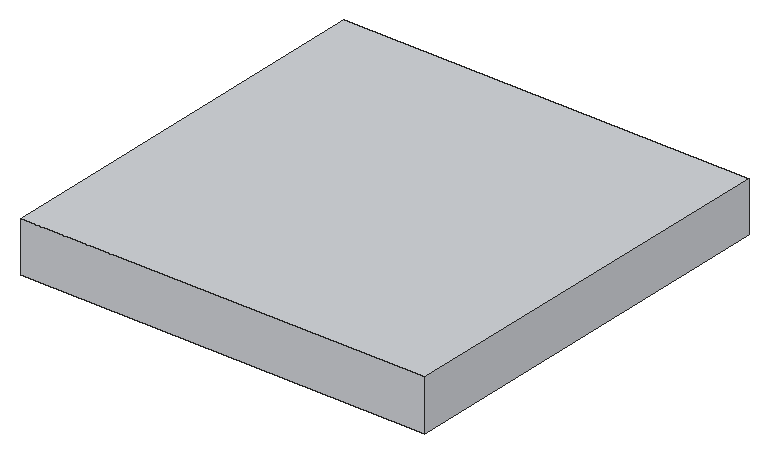
Revit family "00-4941-14-00", category Luminarias, Revit 2017
Family settings
  Anfitrión = Cara
  Cota de conector redondo = Diámetro de uso
  Tipo de pieza = Normal
  Número OmniClass = 23.80.70.00
  Título OmniClass = Lighting
  Corte con vacíos al cargar = No
  Origen de luz = No
  Compartido = Sí
  Punto de cálculo de habitación = No
Parameters (values of type "00-4941-14-00")
  Versión = "v1"
  Vatios (W) = 35.2
  Tipo de regulación = ""
  Tipo = "Colgante"
  Tender text (English) = "LEDS C4\nPek A\n00-4941-14-00\n\nHanging light for indoor use. \n\nFor downlighting. Maximum visual comfort. Structure material: Aluminium. Structure finish: White. Warranty: 5 Years.\n\nProduct net weight (Kg): 2.995\nProduct width or diameter (mm): 320\nProduct height (mm): Min 470 - Max 2870\n\nClass 1. IP: IP20. LED. No. of lampholders or LEDs: 1. LED brand: CREE. Driver brand: HEP. Maximum power of light source: 34.3W. Colour temperature: LED warm-white 3000K. Colour rendering index: 80. MacAdam Steps: 2. Maximum diameter of luminaire bulb: 50.000h L80B20. UGR:  17.6. Photobiological risk: RG1. Real flux (lm): 2512. Nominal flux (lm): 3212. Lm/Real W: 71. Voltage and frequency range: 100-240/50-60Hz. Voltage: 36. Gear included: Yes, electronic. Multi-voltage gear included. Total power: 35.2. Power factor: 0.90."
  Tender text (Castellano) = "LEDS C4\nPek A\n00-4941-14-00\n\nLuminaria suspendida de uso interior para iluminar hacia abajo. \n\nÓptimo confort visual. Material estructura: Aluminio. Acabado estructura: Blanco. Garantía: 5 Años.\n\nPeso neto del producto (Kg): 2.995\nAnchura o diámetro del producto (mm): 320\nAltura del producto (mm): Min 470 - Max 2870\n\nClase 1. IP: IP20. LED. Nº de portalámparas o Leds: 1. Marca del LED: CREE. Marca del Driver: HEP. Potencia máxima de la fuente de luz: 34.3W. Temperatura de color: Blanco cálido - 3000K. Índice de reproducción cromática: 80. Steps Mac Adam: 2. Diámetro máximo de la bombilla que admite la luminaria: 50.000h L80B20. UGR:  17.6. Riesgo fotobiológico: RG1. Flujo real (lm): 2512. Flujo nominal (lm): 3212. Lm/W reales: 71. Rango de voltaje/frecuencia: 100-240/50-60Hz. Voltaje: 36. Equipo incluido: Si, electrónico. Equipo multivoltaje incluido. Potencia total: 35.2. Factor de potencia: 0.90."
  Temperatura color led (K) = "Blanco cálido - 3000K"
  Referencia = "00-4941-14-00"
  Rayo de luz = "ULTRA WIDE FLOOD"
  Producto descatalogado = "Catalogado ES"
  Pluma comercial = "http://files.leds-c4.com/pl/00-4941-14-00.html"
  Peso neto (KG) = 2.995
  Material = "Aluminio"
  Lumenes reales (lm) = 2512
  LDT = "http://files.leds-c4.com/ldt/00-4941-14-00.html"
  Imagen web = "http://files.leds-c4.com/main-photo/00-4941-14-00"
  IfcExportType = "NOTDEFINED"
  IfcExportAs = "IfcLightFixture\r\nIfcLightFixture"
  IP = "IP20"
  IMC = "http://files.leds-c4.com/imc/00-4941-14-00.html"
  IK = ""
  Fuente de luz = "1xLED 34.3 3211.70 lm"
  Fotometría = "http://files.leds-c4.com/fm/00-4941-14-00.html"
  Ficha = "http://files.leds-c4.com/ft/es/00-4941-14-00.html"
  FechaVersion = "Julio 2020"
  Familia = "Pek A"
  Fabricante = "LEDS C4"
  Etiqueta V/f = "100-240V/50-60Hz"
  Elevación por defecto = 1000 mm
  Eficiencia energética = "LED A++"
  EAN13 = "8435381427252"
  DescripcionUniformat2010 = "Lighting"
  DescripcionUniclass2015 = "Lighting"
  DescripcionOmniclass = "Lighting"
  DescripcionGubimclass = "Iluminación interior"
  CodigoUniformat2010 = "D5040"
  CodigoUniclass2015 = "EF_70_80"
  CodigoOmniclass = "21-04 50 40"
  CodigoGubimclass = "50.60.50.20"
  Catálogo = "Technical"
  Carga aparente = 0 VA
  CRI = 80
  Acabado = "Blanco"
Types (2, lengths in mm): name | Lumenes reales (lm) | CRI
  (no name) | 0 | 0
  00-4941-14-00 | 2512 | 80
Values of the unnamed type that differ from the named types
  Vatios (W) = 0
  Tipo = ""
  Tender text (English) = ""
  Tender text (Castellano) = ""
  Temperatura color led (K) = ""
  Referencia = ""
  Rayo de luz = ""
  Producto descatalogado = ""
  Pluma comercial = ""
  Peso neto (KG) = 0
  Material = ""
  LDT = ""
  Imagen web = ""
  IP = ""
  IMC = ""
  Fuente de luz = ""
  Fotometría = ""
  Ficha = ""
  Familia = ""
  Etiqueta V/f = ""
  Eficiencia energética = ""
  EAN13 = ""
  Catálogo = ""
  Acabado = ""
Reference planes
  plane 1 "Centro (Frontal/Posterior)": y = 0
  plane 2: z = 0
  plane 3 "Centro (Izquierda/Derecha)": x = 0
  plane 4 "Elevación de origen de luz": z = 0
  plane 5 "Eje de origen de luz (F/P)": y = 0
  plane 6 "Eje de origen de luz (I/D)": x = 0
Forms (mm)
  Extrusion 1, solid
    sketch origin (0, 0, 0) x (1, 0, 0) y (0, 1, 0)
      loop
        line (-1219.2, 1219.2) -> (-1219.2, -1219.2) -> (1219.2, -1219.2) -> (1219.2, 1219.2) -> (-1219.2, 1219.2)
    from 0 to -304.8
Dimensions and locks
  aligned and locked: plane 2 to Extrusion 1
  aligned and locked: level to Extrusion 1
Nested families
  nested 1: "Luz anidada" at (0, -0.029, 853.413), type "Tipo1"
Connectors
  electrical at (0, 0, 0)
    settings: on Extrusion 1, index 1, voltage 0 V, apparent load 0 VA, apparent load phase1 0 VA, apparent load phase2 0 VA, apparent load phase3 0 VA, power factor 1, load classification "Otro", number of poles 1, system type 31, power factor state 1, is connector primary yes, connector utility no, sub classification motor no, connector description ""
Definition of nested family "Luz anidada"
  Parameters (values of type "Tipo1")
    Tilt Angle = 90.00°
    Wattage = 35.2 W
    Tipo de regulación = ""
    Tipo = ""
    Tender text = ""
    built-in parameter 1150110 = 1 (stored number, unit not read)
    Pluma comercial = ""
    Material = ""
    Imagen = ""
    IP = ""
    IMC = ""
    IK = ""
    Fotometría = ""
    Ficha = ""
    Familia = ""
    Estado en catálogo = ""
    Peso neto = ""
    Lamp = ""
    built-in parameter 1114217 = 1 (stored number, unit not read)
    built-in parameter 1150109 = 1 (stored number, unit not read)
    Etiqueta vf = ""
    Eficiencia energética = ""
    EAN13 = ""
    built-in parameter 1150134 = (empty or 0)
    built-in parameter 1150113 = 1 (stored number, unit not read)
    Lumens = 2391 lm
    built-in parameter 1150115 = 1 (stored number, unit not read)
    built-in parameter 1150105 = 109.82 (stored number, unit not read)
    built-in parameter 1150137 = (empty or 0)
    built-in parameter 1150139 = (empty or 0)
    built-in parameter 1150112 = 1 (stored number, unit not read)
    built-in parameter 1150114 = 1 (stored number, unit not read)
    built-in parameter 1150132 = (empty or 0)
    built-in parameter 1150102 = (empty or 0)
    built-in parameter 1150138 = (empty or 0)
    built-in parameter 1150107 = 3000 (stored number, unit not read)
    built-in parameter 1150106 = 1.0982 (stored number, unit not read)
    built-in parameter 1150104 = 6.6299 (stored number, unit not read)
    Catálogo = ""
    Dimming Lamp Color Temperature Shift = (empty or 0)
    Color Filter = 16777215
    built-in parameter 1114218 = 1 (stored number, unit not read)
    CRI = 0
    Photometric Web File = "00-4941-14-00.ies"
    Acabado = ""
    built-in parameter 1150133 = 10 (stored number, unit not read)
  Values of the unnamed type that differ from the named types
    Wattage = 40.7 W
    built-in parameter 1150104 = 7.0191 (stored number, unit not read)
  Reference planes
    plane 1 "Eje de origen de luz (F/P)": y = 0
    plane 2: z = 0
    plane 3 "Eje de origen de luz (I/D)": x = 0
    plane 4 "Elevación de origen de luz": z = 0
  Dimensions and locks
    aligned and locked: plane 3 "Eje de origen de luz (I/D)" to imposter light
    aligned and locked: plane 1 "Eje de origen de luz (F/P)" to imposter light
    aligned and locked: plane 4 "Elevación de origen de luz" to imposter light
    aligned and locked: level to plane 2
